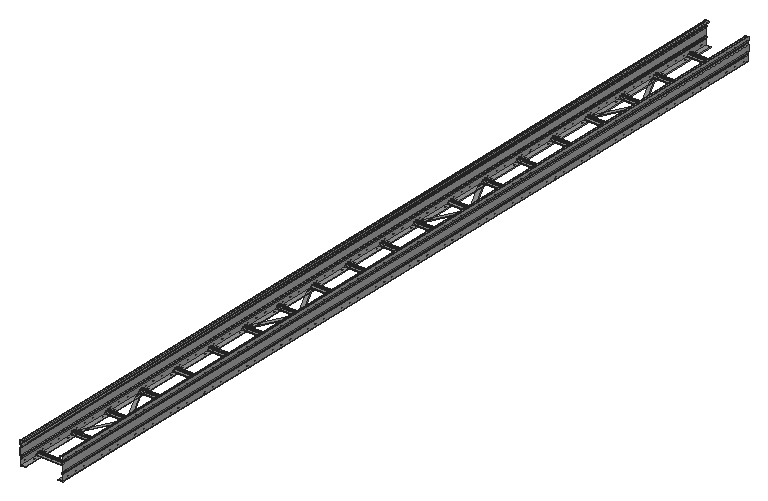
Revit family "W1630 FS, FT, FT SO, A4.28.08", category Generic Models, Revit 2017 (continued)
Forms (mm)
  Extrusion 173, void
    sketch origin (0, 750, 0) x (0, 1, 0) y (0, 0, 1)
      loop
        arc (49.5, 15.5) -> (49.854, 15.646) -> (50, 16) r 0.5
        line (50, 16) -> (50, 24)
        arc (50, 24) -> (49.854, 24.354) -> (49.5, 24.5) r 0.5
    from -148.514 to -146.514
  Extrusion 174, void
    sketch origin (0, 825, 0) x (0, 1, 0) y (0, 0, 1)
      loop
        line (49.5, 24.5) -> (25.5, 24.5)
        arc (25.5, 24.5) -> (25.146, 24.354) -> (25, 24) r 0.5
        line (25, 24) -> (25, 16)
        arc (25, 16) -> (25.146, 15.646) -> (25.5, 15.5) r 0.5
        line (25.5, 15.5) -> (49.5, 15.5)
        arc (49.5, 15.5) -> (49.854, 15.646) -> (50, 16) r 0.5
        line (50, 16) -> (50, 24)
        arc (50, 24) -> (49.854, 24.354) -> (49.5, 24.5) r 0.5
    from -148.514 to -146.514
  Extrusion 175, void
    sketch origin (0, 900, 0) x (0, 1, 0) y (0, 0, 1)
      loop
        line (49.5, 24.5) -> (25.5, 24.5)
        arc (25.5, 24.5) -> (25.146, 24.354) -> (25, 24) r 0.5
        line (25, 24) -> (25, 16)
        arc (25, 16) -> (25.146, 15.646) -> (25.5, 15.5) r 0.5
        line (25.5, 15.5) -> (49.5, 15.5)
        arc (49.5, 15.5) -> (49.854, 15.646) -> (50, 16) r 0.5
        line (50, 16) -> (50, 24)
        arc (50, 24) -> (49.854, 24.354) -> (49.5, 24.5) r 0.5
    from -148.514 to -146.514
  Extrusion 176, void
    sketch origin (0, 975, 0) x (0, 1, 0) y (0, 0, 1)
      loop
        line (49.5, 24.5) -> (25.5, 24.5)
        arc (25.5, 24.5) -> (25.146, 24.354) -> (25, 24) r 0.5
        line (25, 24) -> (25, 16)
        arc (25, 16) -> (25.146, 15.646) -> (25.5, 15.5) r 0.5
        line (25.5, 15.5) -> (49.5, 15.5)
        arc (49.5, 15.5) -> (49.854, 15.646) -> (50, 16) r 0.5
        line (50, 16) -> (50, 24)
        arc (50, 24) -> (49.854, 24.354) -> (49.5, 24.5) r 0.5
    from -148.514 to -146.514
  Extrusion 177, void
    sketch origin (0, 1050, 0) x (0, 1, 0) y (0, 0, 1)
      loop
        line (49.5, 24.5) -> (25.5, 24.5)
        arc (25.5, 24.5) -> (25.146, 24.354) -> (25, 24) r 0.5
        line (25, 24) -> (25, 16)
        arc (25, 16) -> (25.146, 15.646) -> (25.5, 15.5) r 0.5
        line (25.5, 15.5) -> (49.5, 15.5)
        arc (49.5, 15.5) -> (49.854, 15.646) -> (50, 16) r 0.5
        line (50, 16) -> (50, 24)
        arc (50, 24) -> (49.854, 24.354) -> (49.5, 24.5) r 0.5
    from -148.514 to -146.514
  Extrusion 178, void
    sketch origin (0, 1125, 0) x (0, 1, 0) y (0, 0, 1)
      loop
        line (49.5, 24.5) -> (25.5, 24.5)
        arc (25.5, 24.5) -> (25.146, 24.354) -> (25, 24) r 0.5
        line (25, 24) -> (25, 16)
        arc (25, 16) -> (25.146, 15.646) -> (25.5, 15.5) r 0.5
        line (25.5, 15.5) -> (49.5, 15.5)
        arc (49.5, 15.5) -> (49.854, 15.646) -> (50, 16) r 0.5
        line (50, 16) -> (50, 24)
        arc (50, 24) -> (49.854, 24.354) -> (49.5, 24.5) r 0.5
    from -148.514 to -146.514
  Extrusion 179, void
    sketch origin (0, 1200, 0) x (0, 1, 0) y (0, 0, 1)
      loop
        line (49.5, 24.5) -> (25.5, 24.5)
        arc (25.5, 24.5) -> (25.146, 24.354) -> (25, 24) r 0.5
        line (25, 24) -> (25, 16)
        arc (25, 16) -> (25.146, 15.646) -> (25.5, 15.5) r 0.5
        line (25.5, 15.5) -> (49.5, 15.5)
        arc (49.5, 15.5) -> (49.854, 15.646) -> (50, 16) r 0.5
        line (50, 16) -> (50, 24)
        arc (50, 24) -> (49.854, 24.354) -> (49.5, 24.5) r 0.5
    from -148.514 to -146.514
  Extrusion 180, void
    sketch origin (0, 1275, 0) x (0, 1, 0) y (0, 0, 1)
      loop
        line (49.5, 24.5) -> (25.5, 24.5)
        arc (25.5, 24.5) -> (25.146, 24.354) -> (25, 24) r 0.5
        line (25, 24) -> (25, 16)
        arc (25, 16) -> (25.146, 15.646) -> (25.5, 15.5) r 0.5
        line (25.5, 15.5) -> (49.5, 15.5)
        arc (49.5, 15.5) -> (49.854, 15.646) -> (50, 16) r 0.5
        line (50, 16) -> (50, 24)
        arc (50, 24) -> (49.854, 24.354) -> (49.5, 24.5) r 0.5
    from -148.514 to -146.514
  Extrusion 181, void
    sketch origin (0, 1350, 0) x (0, 1, 0) y (0, 0, 1)
      loop
        line (49.5, 24.5) -> (25.5, 24.5)
        arc (25.5, 24.5) -> (25.146, 24.354) -> (25, 24) r 0.5
        line (25, 24) -> (25, 16)
        arc (25, 16) -> (25.146, 15.646) -> (25.5, 15.5) r 0.5
        line (25.5, 15.5) -> (49.5, 15.5)
        arc (49.5, 15.5) -> (49.854, 15.646) -> (50, 16) r 0.5
        line (50, 16) -> (50, 24)
        arc (50, 24) -> (49.854, 24.354) -> (49.5, 24.5) r 0.5
    from -148.514 to -146.514
  Extrusion 182, void
    sketch origin (0, 1425, 0) x (0, 1, 0) y (0, 0, 1)
      loop
        line (49.5, 24.5) -> (25.5, 24.5)
        arc (25.5, 24.5) -> (25.146, 24.354) -> (25, 24) r 0.5
        line (25, 24) -> (25, 16)
        arc (25, 16) -> (25.146, 15.646) -> (25.5, 15.5) r 0.5
        line (25.5, 15.5) -> (49.5, 15.5)
        arc (49.5, 15.5) -> (49.854, 15.646) -> (50, 16) r 0.5
        line (50, 16) -> (50, 24)
        arc (50, 24) -> (49.854, 24.354) -> (49.5, 24.5) r 0.5
    from -148.514 to -146.514
  Extrusion 183, void
    sketch origin (0, 1500, 0) x (0, 1, 0) y (0, 0, 1)
      loop
        line (49.5, 24.5) -> (25.5, 24.5)
        arc (25.5, 24.5) -> (25.146, 24.354) -> (25, 24) r 0.5
        line (25, 24) -> (25, 16)
        arc (25, 16) -> (25.146, 15.646) -> (25.5, 15.5) r 0.5
        line (25.5, 15.5) -> (49.5, 15.5)
        arc (49.5, 15.5) -> (49.854, 15.646) -> (50, 16) r 0.5
        line (50, 16) -> (50, 24)
        arc (50, 24) -> (49.854, 24.354) -> (49.5, 24.5) r 0.5
    from -148.514 to -146.514
  Extrusion 184, void
    sketch origin (0, 1575, 0) x (0, 1, 0) y (0, 0, 1)
      loop
        line (49.5, 24.5) -> (25.5, 24.5)
        arc (25.5, 24.5) -> (25.146, 24.354) -> (25, 24) r 0.5
        line (25, 24) -> (25, 16)
        arc (25, 16) -> (25.146, 15.646) -> (25.5, 15.5) r 0.5
        line (25.5, 15.5) -> (49.5, 15.5)
        arc (49.5, 15.5) -> (49.854, 15.646) -> (50, 16) r 0.5
        line (50, 16) -> (50, 24)
        arc (50, 24) -> (49.854, 24.354) -> (49.5, 24.5) r 0.5
    from -148.514 to -146.514
  Extrusion 185, void
    sketch origin (0, 1650, 0) x (0, 1, 0) y (0, 0, 1)
      loop
        line (49.5, 24.5) -> (25.5, 24.5)
        arc (25.5, 24.5) -> (25.146, 24.354) -> (25, 24) r 0.5
        line (25, 24) -> (25, 16)
        arc (25, 16) -> (25.146, 15.646) -> (25.5, 15.5) r 0.5
        line (25.5, 15.5) -> (49.5, 15.5)
        arc (49.5, 15.5) -> (49.854, 15.646) -> (50, 16) r 0.5
        line (50, 16) -> (50, 24)
        arc (50, 24) -> (49.854, 24.354) -> (49.5, 24.5) r 0.5
    from -148.514 to -146.514
  Extrusion 186, void
    sketch origin (0, 1725, 0) x (0, 1, 0) y (0, 0, 1)
      loop
        line (49.5, 24.5) -> (25.5, 24.5)
        arc (25.5, 24.5) -> (25.146, 24.354) -> (25, 24) r 0.5
        line (25, 24) -> (25, 16)
        arc (25, 16) -> (25.146, 15.646) -> (25.5, 15.5) r 0.5
        line (25.5, 15.5) -> (49.5, 15.5)
        arc (49.5, 15.5) -> (49.854, 15.646) -> (50, 16) r 0.5
        line (50, 16) -> (50, 24)
        arc (50, 24) -> (49.854, 24.354) -> (49.5, 24.5) r 0.5
    from -148.514 to -146.514
  Extrusion 187, void
    sketch origin (0, 1800, 0) x (0, 1, 0) y (0, 0, 1)
      loop
        line (49.5, 24.5) -> (25.5, 24.5)
        arc (25.5, 24.5) -> (25.146, 24.354) -> (25, 24) r 0.5
        line (25, 24) -> (25, 16)
        arc (25, 16) -> (25.146, 15.646) -> (25.5, 15.5) r 0.5
        line (25.5, 15.5) -> (49.5, 15.5)
        arc (49.5, 15.5) -> (49.854, 15.646) -> (50, 16) r 0.5
        line (50, 16) -> (50, 24)
        arc (50, 24) -> (49.854, 24.354) -> (49.5, 24.5) r 0.5
    from -148.514 to -146.514
  Extrusion 188, void
    sketch origin (0, 1875, 0) x (0, 1, 0) y (0, 0, 1)
      loop
        line (49.5, 24.5) -> (25.5, 24.5)
        arc (25.5, 24.5) -> (25.146, 24.354) -> (25, 24) r 0.5
        line (25, 24) -> (25, 16)
        arc (25, 16) -> (25.146, 15.646) -> (25.5, 15.5) r 0.5
        line (25.5, 15.5) -> (49.5, 15.5)
        arc (49.5, 15.5) -> (49.854, 15.646) -> (50, 16) r 0.5
        line (50, 16) -> (50, 24)
        arc (50, 24) -> (49.854, 24.354) -> (49.5, 24.5) r 0.5
    from -148.514 to -146.514
  Extrusion 189, void
    sketch origin (0, 1950, 0) x (0, 1, 0) y (0, 0, 1)
      loop
        line (49.5, 24.5) -> (25.5, 24.5)
        arc (25.5, 24.5) -> (25.146, 24.354) -> (25, 24) r 0.5
        line (25, 24) -> (25, 16)
        arc (25, 16) -> (25.146, 15.646) -> (25.5, 15.5) r 0.5
        line (25.5, 15.5) -> (49.5, 15.5)
        arc (49.5, 15.5) -> (49.854, 15.646) -> (50, 16) r 0.5
        line (50, 16) -> (50, 24)
        arc (50, 24) -> (49.854, 24.354) -> (49.5, 24.5) r 0.5
    from -148.514 to -146.514
  Extrusion 190, void
    sketch origin (0, 2025, 0) x (0, 1, 0) y (0, 0, 1)
      loop
        line (49.5, 24.5) -> (25.5, 24.5)
        arc (25.5, 24.5) -> (25.146, 24.354) -> (25, 24) r 0.5
        line (25, 24) -> (25, 16)
        arc (25, 16) -> (25.146, 15.646) -> (25.5, 15.5) r 0.5
        line (25.5, 15.5) -> (49.5, 15.5)
        arc (49.5, 15.5) -> (49.854, 15.646) -> (50, 16) r 0.5
        line (50, 16) -> (50, 24)
        arc (50, 24) -> (49.854, 24.354) -> (49.5, 24.5) r 0.5
    from -148.514 to -146.514
  Extrusion 191, void
    sketch origin (0, 2100, 0) x (0, 1, 0) y (0, 0, 1)
      loop
        line (49.5, 24.5) -> (25.5, 24.5)
        arc (25.5, 24.5) -> (25.146, 24.354) -> (25, 24) r 0.5
        line (25, 24) -> (25, 16)
        arc (25, 16) -> (25.146, 15.646) -> (25.5, 15.5) r 0.5
        line (25.5, 15.5) -> (49.5, 15.5)
        arc (49.5, 15.5) -> (49.854, 15.646) -> (50, 16) r 0.5
        line (50, 16) -> (50, 24)
        arc (50, 24) -> (49.854, 24.354) -> (49.5, 24.5) r 0.5
    from -148.514 to -146.514
  Extrusion 192, void
    sketch origin (0, 2175, 0) x (0, 1, 0) y (0, 0, 1)
      loop
        line (49.5, 24.5) -> (25.5, 24.5)
        arc (25.5, 24.5) -> (25.146, 24.354) -> (25, 24) r 0.5
        line (25, 24) -> (25, 16)
        arc (25, 16) -> (25.146, 15.646) -> (25.5, 15.5) r 0.5
        line (25.5, 15.5) -> (49.5, 15.5)
        arc (49.5, 15.5) -> (49.854, 15.646) -> (50, 16) r 0.5
        line (50, 16) -> (50, 24)
        arc (50, 24) -> (49.854, 24.354) -> (49.5, 24.5) r 0.5
    from -148.514 to -146.514
  Extrusion 193, void
    sketch origin (0, 2250, 0) x (0, 1, 0) y (0, 0, 1)
      loop
        line (49.5, 24.5) -> (25.5, 24.5)
        arc (25.5, 24.5) -> (25.146, 24.354) -> (25, 24) r 0.5
        line (25, 24) -> (25, 16)
        arc (25, 16) -> (25.146, 15.646) -> (25.5, 15.5) r 0.5
        line (25.5, 15.5) -> (49.5, 15.5)
        arc (49.5, 15.5) -> (49.854, 15.646) -> (50, 16) r 0.5
        line (50, 16) -> (50, 24)
        arc (50, 24) -> (49.854, 24.354) -> (49.5, 24.5) r 0.5
    from -148.514 to -146.514
  Extrusion 194, void
    sketch origin (0, 2325, 0) x (0, 1, 0) y (0, 0, 1)
      loop
        line (49.5, 24.5) -> (25.5, 24.5)
        arc (25.5, 24.5) -> (25.146, 24.354) -> (25, 24) r 0.5
        line (25, 24) -> (25, 16)
        arc (25, 16) -> (25.146, 15.646) -> (25.5, 15.5) r 0.5
        line (25.5, 15.5) -> (49.5, 15.5)
        arc (49.5, 15.5) -> (49.854, 15.646) -> (50, 16) r 0.5
        line (50, 16) -> (50, 24)
        arc (50, 24) -> (49.854, 24.354) -> (49.5, 24.5) r 0.5
    from -148.514 to -146.514
  Extrusion 195, void
    sketch origin (0, 2400, 0) x (0, 1, 0) y (0, 0, 1)
      loop
        line (49.5, 24.5) -> (25.5, 24.5)
        arc (25.5, 24.5) -> (25.146, 24.354) -> (25, 24) r 0.5
        line (25, 24) -> (25, 16)
        arc (25, 16) -> (25.146, 15.646) -> (25.5, 15.5) r 0.5
        line (25.5, 15.5) -> (49.5, 15.5)
        arc (49.5, 15.5) -> (49.854, 15.646) -> (50, 16) r 0.5
        line (50, 16) -> (50, 24)
        arc (50, 24) -> (49.854, 24.354) -> (49.5, 24.5) r 0.5
    from -148.514 to -146.514
  Extrusion 196, void
    sketch origin (0, 2475, 0) x (0, 1, 0) y (0, 0, 1)
      loop
        line (49.5, 24.5) -> (25.5, 24.5)
        arc (25.5, 24.5) -> (25.146, 24.354) -> (25, 24) r 0.5
        line (25, 24) -> (25, 16)
        arc (25, 16) -> (25.146, 15.646) -> (25.5, 15.5) r 0.5
        line (25.5, 15.5) -> (49.5, 15.5)
        arc (49.5, 15.5) -> (49.854, 15.646) -> (50, 16) r 0.5
        line (50, 16) -> (50, 24)
        arc (50, 24) -> (49.854, 24.354) -> (49.5, 24.5) r 0.5
    from -148.514 to -146.514
  Extrusion 197, void
    sketch origin (0, 2550, 0) x (0, 1, 0) y (0, 0, 1)
      loop
        line (49.5, 24.5) -> (25.5, 24.5)
        arc (25.5, 24.5) -> (25.146, 24.354) -> (25, 24) r 0.5
        line (25, 24) -> (25, 16)
        arc (25, 16) -> (25.146, 15.646) -> (25.5, 15.5) r 0.5
        line (25.5, 15.5) -> (49.5, 15.5)
        arc (49.5, 15.5) -> (49.854, 15.646) -> (50, 16) r 0.5
        line (50, 16) -> (50, 24)
        arc (50, 24) -> (49.854, 24.354) -> (49.5, 24.5) r 0.5
    from -148.514 to -146.514
  Extrusion 198, void
    sketch origin (0, 2625, 0) x (0, 1, 0) y (0, 0, 1)
      loop
        line (49.5, 24.5) -> (25.5, 24.5)
        arc (25.5, 24.5) -> (25.146, 24.354) -> (25, 24) r 0.5
        line (25, 24) -> (25, 16)
        arc (25, 16) -> (25.146, 15.646) -> (25.5, 15.5) r 0.5
        line (25.5, 15.5) -> (49.5, 15.5)
        arc (49.5, 15.5) -> (49.854, 15.646) -> (50, 16) r 0.5
        line (50, 16) -> (50, 24)
        arc (50, 24) -> (49.854, 24.354) -> (49.5, 24.5) r 0.5
    from -148.514 to -146.514
  Extrusion 199, void
    sketch origin (0, 2700, 0) x (0, 1, 0) y (0, 0, 1)
      loop
        line (49.5, 24.5) -> (25.5, 24.5)
        arc (25.5, 24.5) -> (25.146, 24.354) -> (25, 24) r 0.5
        line (25, 24) -> (25, 16)
        arc (25, 16) -> (25.146, 15.646) -> (25.5, 15.5) r 0.5
        line (25.5, 15.5) -> (49.5, 15.5)
        arc (49.5, 15.5) -> (49.854, 15.646) -> (50, 16) r 0.5
        line (50, 16) -> (50, 24)
        arc (50, 24) -> (49.854, 24.354) -> (49.5, 24.5) r 0.5
    from -148.514 to -146.514
  Extrusion 200, void
    sketch origin (0, 2775, 0) x (0, 1, 0) y (0, 0, 1)
      loop
        line (49.5, 24.5) -> (25.5, 24.5)
        arc (25.5, 24.5) -> (25.146, 24.354) -> (25, 24) r 0.5
        line (25, 24) -> (25, 16)
        arc (25, 16) -> (25.146, 15.646) -> (25.5, 15.5) r 0.5
        line (25.5, 15.5) -> (49.5, 15.5)
        arc (49.5, 15.5) -> (49.854, 15.646) -> (50, 16) r 0.5
        line (50, 16) -> (50, 24)
        arc (50, 24) -> (49.854, 24.354) -> (49.5, 24.5) r 0.5
    from -148.514 to -146.514
  Extrusion 201, void
    sketch origin (0, 2850, 0) x (0, 1, 0) y (0, 0, 1)
      loop
        line (49.5, 24.5) -> (25.5, 24.5)
        arc (25.5, 24.5) -> (25.146, 24.354) -> (25, 24) r 0.5
        line (25, 24) -> (25, 16)
        arc (25, 16) -> (25.146, 15.646) -> (25.5, 15.5) r 0.5
        line (25.5, 15.5) -> (49.5, 15.5)
        arc (49.5, 15.5) -> (49.854, 15.646) -> (50, 16) r 0.5
        line (50, 16) -> (50, 24)
        arc (50, 24) -> (49.854, 24.354) -> (49.5, 24.5) r 0.5
    from -148.514 to -146.514
  Extrusion 202, void
    sketch origin (0, 2925, 0) x (0, 1, 0) y (0, 0, 1)
      loop
        line (49.5, 24.5) -> (25.5, 24.5)
        arc (25.5, 24.5) -> (25.146, 24.354) -> (25, 24) r 0.5
        line (25, 24) -> (25, 16)
        arc (25, 16) -> (25.146, 15.646) -> (25.5, 15.5) r 0.5
        line (25.5, 15.5) -> (49.5, 15.5)
        arc (49.5, 15.5) -> (49.854, 15.646) -> (50, 16) r 0.5
        line (50, 16) -> (50, 24)
        arc (50, 24) -> (49.854, 24.354) -> (49.5, 24.5) r 0.5
    from -148.514 to -146.514
  Extrusion 203, void
    sketch origin (0, 3000, 0) x (0, 1, 0) y (0, 0, 1)
      loop
        line (49.5, 24.5) -> (25.5, 24.5)
        arc (25.5, 24.5) -> (25.146, 24.354) -> (25, 24) r 0.5
        line (25, 24) -> (25, 16)
        arc (25, 16) -> (25.146, 15.646) -> (25.5, 15.5) r 0.5
        line (25.5, 15.5) -> (49.5, 15.5)
        arc (49.5, 15.5) -> (49.854, 15.646) -> (50, 16) r 0.5
        line (50, 16) -> (50, 24)
        arc (50, 24) -> (49.854, 24.354) -> (49.5, 24.5) r 0.5
    from -148.514 to -146.514
  Extrusion 204, void
    sketch origin (0, 3075, 0) x (0, 1, 0) y (0, 0, 1)
      loop
        line (49.5, 24.5) -> (25.5, 24.5)
        arc (25.5, 24.5) -> (25.146, 24.354) -> (25, 24) r 0.5
        line (25, 24) -> (25, 16)
        arc (25, 16) -> (25.146, 15.646) -> (25.5, 15.5) r 0.5
        line (25.5, 15.5) -> (49.5, 15.5)
        arc (49.5, 15.5) -> (49.854, 15.646) -> (50, 16) r 0.5
        line (50, 16) -> (50, 24)
        arc (50, 24) -> (49.854, 24.354) -> (49.5, 24.5) r 0.5
    from -148.514 to -146.514
  Extrusion 205, void
    sketch origin (0, 3150, 0) x (0, 1, 0) y (0, 0, 1)
      loop
        line (49.5, 24.5) -> (25.5, 24.5)
        arc (25.5, 24.5) -> (25.146, 24.354) -> (25, 24) r 0.5
        line (25, 24) -> (25, 16)
        arc (25, 16) -> (25.146, 15.646) -> (25.5, 15.5) r 0.5
        line (25.5, 15.5) -> (49.5, 15.5)
        arc (49.5, 15.5) -> (49.854, 15.646) -> (50, 16) r 0.5
        line (50, 16) -> (50, 24)
        arc (50, 24) -> (49.854, 24.354) -> (49.5, 24.5) r 0.5
    from -148.514 to -146.514
  Extrusion 206, void
    sketch origin (0, 3225, 0) x (0, 1, 0) y (0, 0, 1)
      loop
        line (49.5, 24.5) -> (25.5, 24.5)
        arc (25.5, 24.5) -> (25.146, 24.354) -> (25, 24) r 0.5
        line (25, 24) -> (25, 16)
        arc (25, 16) -> (25.146, 15.646) -> (25.5, 15.5) r 0.5
        line (25.5, 15.5) -> (49.5, 15.5)
        arc (49.5, 15.5) -> (49.854, 15.646) -> (50, 16) r 0.5
        line (50, 16) -> (50, 24)
        arc (50, 24) -> (49.854, 24.354) -> (49.5, 24.5) r 0.5
    from -148.514 to -146.514
  Extrusion 207, void
    sketch origin (0, 3300, 0) x (0, 1, 0) y (0, 0, 1)
      loop
        line (49.5, 24.5) -> (25.5, 24.5)
        arc (25.5, 24.5) -> (25.146, 24.354) -> (25, 24) r 0.5
        line (25, 24) -> (25, 16)
        arc (25, 16) -> (25.146, 15.646) -> (25.5, 15.5) r 0.5
        line (25.5, 15.5) -> (49.5, 15.5)
        arc (49.5, 15.5) -> (49.854, 15.646) -> (50, 16) r 0.5
        line (50, 16) -> (50, 24)
        arc (50, 24) -> (49.854, 24.354) -> (49.5, 24.5) r 0.5
    from -148.514 to -146.514
  Extrusion 208, void
    sketch origin (0, 3375, 0) x (0, 1, 0) y (0, 0, 1)
      loop
        line (49.5, 24.5) -> (25.5, 24.5)
        arc (25.5, 24.5) -> (25.146, 24.354) -> (25, 24) r 0.5
        line (25, 24) -> (25, 16)
        arc (25, 16) -> (25.146, 15.646) -> (25.5, 15.5) r 0.5
        line (25.5, 15.5) -> (49.5, 15.5)
        arc (49.5, 15.5) -> (49.854, 15.646) -> (50, 16) r 0.5
        line (50, 16) -> (50, 24)
        arc (50, 24) -> (49.854, 24.354) -> (49.5, 24.5) r 0.5
    from -148.514 to -146.514
  Extrusion 209, void
    sketch origin (0, 3450, 0) x (0, 1, 0) y (0, 0, 1)
      loop
        line (49.5, 24.5) -> (25.5, 24.5)
        arc (25.5, 24.5) -> (25.146, 24.354) -> (25, 24) r 0.5
        line (25, 24) -> (25, 16)
        arc (25, 16) -> (25.146, 15.646) -> (25.5, 15.5) r 0.5
        line (25.5, 15.5) -> (49.5, 15.5)
        arc (49.5, 15.5) -> (49.854, 15.646) -> (50, 16) r 0.5
        line (50, 16) -> (50, 24)
        arc (50, 24) -> (49.854, 24.354) -> (49.5, 24.5) r 0.5
    from -148.514 to -146.514
  Extrusion 210, void
    sketch origin (0, 3525, 0) x (0, 1, 0) y (0, 0, 1)
      loop
        line (49.5, 24.5) -> (25.5, 24.5)
        arc (25.5, 24.5) -> (25.146, 24.354) -> (25, 24) r 0.5
        line (25, 24) -> (25, 16)
        arc (25, 16) -> (25.146, 15.646) -> (25.5, 15.5) r 0.5
        line (25.5, 15.5) -> (49.5, 15.5)
        arc (49.5, 15.5) -> (49.854, 15.646) -> (50, 16) r 0.5
        line (50, 16) -> (50, 24)
        arc (50, 24) -> (49.854, 24.354) -> (49.5, 24.5) r 0.5
    from -148.514 to -146.514
  Extrusion 211, void
    sketch origin (0, 3600, 0) x (0, 1, 0) y (0, 0, 1)
      loop
        line (49.5, 24.5) -> (25.5, 24.5)
        arc (25.5, 24.5) -> (25.146, 24.354) -> (25, 24) r 0.5
        line (25, 24) -> (25, 16)
        arc (25, 16) -> (25.146, 15.646) -> (25.5, 15.5) r 0.5
        line (25.5, 15.5) -> (49.5, 15.5)
        arc (49.5, 15.5) -> (49.854, 15.646) -> (50, 16) r 0.5
        line (50, 16) -> (50, 24)
        arc (50, 24) -> (49.854, 24.354) -> (49.5, 24.5) r 0.5
    from -148.514 to -146.514
  Extrusion 212, void
    sketch origin (0, 3675, 0) x (0, 1, 0) y (0, 0, 1)
      loop
        line (49.5, 24.5) -> (25.5, 24.5)
        arc (25.5, 24.5) -> (25.146, 24.354) -> (25, 24) r 0.5
        line (25, 24) -> (25, 16)
        arc (25, 16) -> (25.146, 15.646) -> (25.5, 15.5) r 0.5
        line (25.5, 15.5) -> (49.5, 15.5)
        arc (49.5, 15.5) -> (49.854, 15.646) -> (50, 16) r 0.5
        line (50, 16) -> (50, 24)
        arc (50, 24) -> (49.854, 24.354) -> (49.5, 24.5) r 0.5
    from -148.514 to -146.514
  Extrusion 213, void
    sketch origin (0, 3750, 0) x (0, 1, 0) y (0, 0, 1)
      loop
        line (49.5, 24.5) -> (25.5, 24.5)
        arc (25.5, 24.5) -> (25.146, 24.354) -> (25, 24) r 0.5
        line (25, 24) -> (25, 16)
        arc (25, 16) -> (25.146, 15.646) -> (25.5, 15.5) r 0.5
        line (25.5, 15.5) -> (49.5, 15.5)
        arc (49.5, 15.5) -> (49.854, 15.646) -> (50, 16) r 0.5
        line (50, 16) -> (50, 24)
        arc (50, 24) -> (49.854, 24.354) -> (49.5, 24.5) r 0.5
    from -148.514 to -146.514
  Extrusion 214, void
    sketch origin (0, 3825, 0) x (0, 1, 0) y (0, 0, 1)
      loop
        line (49.5, 24.5) -> (25.5, 24.5)
        arc (25.5, 24.5) -> (25.146, 24.354) -> (25, 24) r 0.5
        line (25, 24) -> (25, 16)
        arc (25, 16) -> (25.146, 15.646) -> (25.5, 15.5) r 0.5
        line (25.5, 15.5) -> (49.5, 15.5)
        arc (49.5, 15.5) -> (49.854, 15.646) -> (50, 16) r 0.5
        line (50, 16) -> (50, 24)
        arc (50, 24) -> (49.854, 24.354) -> (49.5, 24.5) r 0.5
    from -148.514 to -146.514
  Extrusion 215, void
    sketch origin (0, 3900, 0) x (0, 1, 0) y (0, 0, 1)
      loop
        line (49.5, 24.5) -> (25.5, 24.5)
        arc (25.5, 24.5) -> (25.146, 24.354) -> (25, 24) r 0.5
        line (25, 24) -> (25, 16)
        arc (25, 16) -> (25.146, 15.646) -> (25.5, 15.5) r 0.5
        line (25.5, 15.5) -> (49.5, 15.5)
        arc (49.5, 15.5) -> (49.854, 15.646) -> (50, 16) r 0.5
        line (50, 16) -> (50, 24)
        arc (50, 24) -> (49.854, 24.354) -> (49.5, 24.5) r 0.5
    from -148.514 to -146.514
  Extrusion 216, void
    sketch origin (0, 3975, 0) x (0, 1, 0) y (0, 0, 1)
      loop
        line (49.5, 24.5) -> (25.5, 24.5)
        arc (25.5, 24.5) -> (25.146, 24.354) -> (25, 24) r 0.5
        line (25, 24) -> (25, 16)
        arc (25, 16) -> (25.146, 15.646) -> (25.5, 15.5) r 0.5
        line (25.5, 15.5) -> (49.5, 15.5)
        arc (49.5, 15.5) -> (49.854, 15.646) -> (50, 16) r 0.5
        line (50, 16) -> (50, 24)
        arc (50, 24) -> (49.854, 24.354) -> (49.5, 24.5) r 0.5
    from -148.514 to -146.514
  Extrusion 217, void
    sketch origin (0, 4050, 0) x (0, 1, 0) y (0, 0, 1)
      loop
        line (49.5, 24.5) -> (25.5, 24.5)
        arc (25.5, 24.5) -> (25.146, 24.354) -> (25, 24) r 0.5
        line (25, 24) -> (25, 16)
        arc (25, 16) -> (25.146, 15.646) -> (25.5, 15.5) r 0.5
        line (25.5, 15.5) -> (49.5, 15.5)
        arc (49.5, 15.5) -> (49.854, 15.646) -> (50, 16) r 0.5
        line (50, 16) -> (50, 24)
        arc (50, 24) -> (49.854, 24.354) -> (49.5, 24.5) r 0.5
    from -148.514 to -146.514
  Extrusion 218, void
    sketch origin (0, 4125, 0) x (0, 1, 0) y (0, 0, 1)
      loop
        line (49.5, 24.5) -> (25.5, 24.5)
        arc (25.5, 24.5) -> (25.146, 24.354) -> (25, 24) r 0.5
        line (25, 24) -> (25, 16)
        arc (25, 16) -> (25.146, 15.646) -> (25.5, 15.5) r 0.5
        line (25.5, 15.5) -> (49.5, 15.5)
        arc (49.5, 15.5) -> (49.854, 15.646) -> (50, 16) r 0.5
        line (50, 16) -> (50, 24)
        arc (50, 24) -> (49.854, 24.354) -> (49.5, 24.5) r 0.5
    from -148.514 to -146.514
  Extrusion 219, void
    sketch origin (0, 4200, 0) x (0, 1, 0) y (0, 0, 1)
      loop
        line (49.5, 24.5) -> (25.5, 24.5)
        arc (25.5, 24.5) -> (25.146, 24.354) -> (25, 24) r 0.5
        line (25, 24) -> (25, 16)
        arc (25, 16) -> (25.146, 15.646) -> (25.5, 15.5) r 0.5
        line (25.5, 15.5) -> (49.5, 15.5)
        arc (49.5, 15.5) -> (49.854, 15.646) -> (50, 16) r 0.5
        line (50, 16) -> (50, 24)
        arc (50, 24) -> (49.854, 24.354) -> (49.5, 24.5) r 0.5
    from -148.514 to -146.514
  Extrusion 220, void
    sketch origin (0, 4275, 0) x (0, 1, 0) y (0, 0, 1)
      loop
        line (49.5, 24.5) -> (25.5, 24.5)
        arc (25.5, 24.5) -> (25.146, 24.354) -> (25, 24) r 0.5
        line (25, 24) -> (25, 16)
        arc (25, 16) -> (25.146, 15.646) -> (25.5, 15.5) r 0.5
        line (25.5, 15.5) -> (49.5, 15.5)
        arc (49.5, 15.5) -> (49.854, 15.646) -> (50, 16) r 0.5
        line (50, 16) -> (50, 24)
        arc (50, 24) -> (49.854, 24.354) -> (49.5, 24.5) r 0.5
    from -148.514 to -146.514
  Extrusion 221, void
    sketch origin (0, 4350, 0) x (0, 1, 0) y (0, 0, 1)
      loop
        line (49.5, 24.5) -> (25.5, 24.5)
        arc (25.5, 24.5) -> (25.146, 24.354) -> (25, 24) r 0.5
        line (25, 24) -> (25, 16)
        arc (25, 16) -> (25.146, 15.646) -> (25.5, 15.5) r 0.5
        line (25.5, 15.5) -> (49.5, 15.5)
        arc (49.5, 15.5) -> (49.854, 15.646) -> (50, 16) r 0.5
        line (50, 16) -> (50, 24)
        arc (50, 24) -> (49.854, 24.354) -> (49.5, 24.5) r 0.5
    from -148.514 to -146.514
  Extrusion 222, void
    sketch origin (0, 4425, 0) x (0, 1, 0) y (0, 0, 1)
      loop
        line (49.5, 24.5) -> (25.5, 24.5)
        arc (25.5, 24.5) -> (25.146, 24.354) -> (25, 24) r 0.5
        line (25, 24) -> (25, 16)
        arc (25, 16) -> (25.146, 15.646) -> (25.5, 15.5) r 0.5
        line (25.5, 15.5) -> (49.5, 15.5)
        arc (49.5, 15.5) -> (49.854, 15.646) -> (50, 16) r 0.5
        line (50, 16) -> (50, 24)
        arc (50, 24) -> (49.854, 24.354) -> (49.5, 24.5) r 0.5
    from -148.514 to -146.514
  Extrusion 223, void
    sketch origin (0, 4500, 0) x (0, 1, 0) y (0, 0, 1)
      loop
        line (49.5, 24.5) -> (25.5, 24.5)
        arc (25.5, 24.5) -> (25.146, 24.354) -> (25, 24) r 0.5
        line (25, 24) -> (25, 16)
        arc (25, 16) -> (25.146, 15.646) -> (25.5, 15.5) r 0.5
        line (25.5, 15.5) -> (49.5, 15.5)
        arc (49.5, 15.5) -> (49.854, 15.646) -> (50, 16) r 0.5
        line (50, 16) -> (50, 24)
        arc (50, 24) -> (49.854, 24.354) -> (49.5, 24.5) r 0.5
    from -148.514 to -146.514
  Extrusion 224, void
    sketch origin (0, 4575, 0) x (0, 1, 0) y (0, 0, 1)
      loop
        line (49.5, 24.5) -> (25.5, 24.5)
        arc (25.5, 24.5) -> (25.146, 24.354) -> (25, 24) r 0.5
        line (25, 24) -> (25, 16)
        arc (25, 16) -> (25.146, 15.646) -> (25.5, 15.5) r 0.5
        line (25.5, 15.5) -> (49.5, 15.5)
        arc (49.5, 15.5) -> (49.854, 15.646) -> (50, 16) r 0.5
        line (50, 16) -> (50, 24)
        arc (50, 24) -> (49.854, 24.354) -> (49.5, 24.5) r 0.5
    from -148.514 to -146.514
  Extrusion 225, void
    sketch origin (0, 4650, 0) x (0, 1, 0) y (0, 0, 1)
      loop
        line (49.5, 24.5) -> (25.5, 24.5)
        arc (25.5, 24.5) -> (25.146, 24.354) -> (25, 24) r 0.5
        line (25, 24) -> (25, 16)
        arc (25, 16) -> (25.146, 15.646) -> (25.5, 15.5) r 0.5
        line (25.5, 15.5) -> (49.5, 15.5)
        arc (49.5, 15.5) -> (49.854, 15.646) -> (50, 16) r 0.5
        line (50, 16) -> (50, 24)
        arc (50, 24) -> (49.854, 24.354) -> (49.5, 24.5) r 0.5
    from -148.514 to -146.514
  Extrusion 226, void
    sketch origin (0, 4725, 0) x (0, 1, 0) y (0, 0, 1)
      loop
        line (49.5, 24.5) -> (25.5, 24.5)
        arc (25.5, 24.5) -> (25.146, 24.354) -> (25, 24) r 0.5
        line (25, 24) -> (25, 16)
        arc (25, 16) -> (25.146, 15.646) -> (25.5, 15.5) r 0.5
        line (25.5, 15.5) -> (49.5, 15.5)
        arc (49.5, 15.5) -> (49.854, 15.646) -> (50, 16) r 0.5
        line (50, 16) -> (50, 24)
        arc (50, 24) -> (49.854, 24.354) -> (49.5, 24.5) r 0.5
    from -148.514 to -146.514
  Extrusion 227, void
    sketch origin (0, 4800, 0) x (0, 1, 0) y (0, 0, 1)
      loop
        line (49.5, 24.5) -> (25.5, 24.5)
        arc (25.5, 24.5) -> (25.146, 24.354) -> (25, 24) r 0.5
        line (25, 24) -> (25, 16)
        arc (25, 16) -> (25.146, 15.646) -> (25.5, 15.5) r 0.5
        line (25.5, 15.5) -> (49.5, 15.5)
        arc (49.5, 15.5) -> (49.854, 15.646) -> (50, 16) r 0.5
        line (50, 16) -> (50, 24)
        arc (50, 24) -> (49.854, 24.354) -> (49.5, 24.5) r 0.5
    from -148.514 to -146.514
  Extrusion 228, void
    sketch origin (0, 4875, 0) x (0, 1, 0) y (0, 0, 1)
      loop
        line (49.5, 24.5) -> (25.5, 24.5)
        arc (25.5, 24.5) -> (25.146, 24.354) -> (25, 24) r 0.5
        line (25, 24) -> (25, 16)
        arc (25, 16) -> (25.146, 15.646) -> (25.5, 15.5) r 0.5
        line (25.5, 15.5) -> (49.5, 15.5)
        arc (49.5, 15.5) -> (49.854, 15.646) -> (50, 16) r 0.5
        line (50, 16) -> (50, 24)
        arc (50, 24) -> (49.854, 24.354) -> (49.5, 24.5) r 0.5
    from -148.514 to -146.514
  Extrusion 229, void
    sketch origin (0, 4950, 0) x (0, 1, 0) y (0, 0, 1)
      loop
        line (49.5, 24.5) -> (25.5, 24.5)
        arc (25.5, 24.5) -> (25.146, 24.354) -> (25, 24) r 0.5
        line (25, 24) -> (25, 16)
        arc (25, 16) -> (25.146, 15.646) -> (25.5, 15.5) r 0.5
        line (25.5, 15.5) -> (49.5, 15.5)
        arc (49.5, 15.5) -> (49.854, 15.646) -> (50, 16) r 0.5
        line (50, 16) -> (50, 24)
        arc (50, 24) -> (49.854, 24.354) -> (49.5, 24.5) r 0.5
    from -148.514 to -146.514
  Extrusion 230, void
    sketch origin (0, 5025, 0) x (0, 1, 0) y (0, 0, 1)
      loop
        line (49.5, 24.5) -> (25.5, 24.5)
        arc (25.5, 24.5) -> (25.146, 24.354) -> (25, 24) r 0.5
        line (25, 24) -> (25, 16)
        arc (25, 16) -> (25.146, 15.646) -> (25.5, 15.5) r 0.5
        line (25.5, 15.5) -> (49.5, 15.5)
        arc (49.5, 15.5) -> (49.854, 15.646) -> (50, 16) r 0.5
        line (50, 16) -> (50, 24)
        arc (50, 24) -> (49.854, 24.354) -> (49.5, 24.5) r 0.5
    from -148.514 to -146.514
  Extrusion 231, void
    sketch origin (0, 5100, 0) x (0, 1, 0) y (0, 0, 1)
      loop
        line (49.5, 24.5) -> (25.5, 24.5)
        arc (25.5, 24.5) -> (25.146, 24.354) -> (25, 24) r 0.5
        line (25, 24) -> (25, 16)
        arc (25, 16) -> (25.146, 15.646) -> (25.5, 15.5) r 0.5
        line (25.5, 15.5) -> (49.5, 15.5)
        arc (49.5, 15.5) -> (49.854, 15.646) -> (50, 16) r 0.5
        line (50, 16) -> (50, 24)
        arc (50, 24) -> (49.854, 24.354) -> (49.5, 24.5) r 0.5
    from -148.514 to -146.514
  Extrusion 232, void
    sketch origin (0, 5175, 0) x (0, 1, 0) y (0, 0, 1)
      loop
        line (49.5, 24.5) -> (25.5, 24.5)
        arc (25.5, 24.5) -> (25.146, 24.354) -> (25, 24) r 0.5
        line (25, 24) -> (25, 16)
        arc (25, 16) -> (25.146, 15.646) -> (25.5, 15.5) r 0.5
        line (25.5, 15.5) -> (49.5, 15.5)
        arc (49.5, 15.5) -> (49.854, 15.646) -> (50, 16) r 0.5
        line (50, 16) -> (50, 24)
        arc (50, 24) -> (49.854, 24.354) -> (49.5, 24.5) r 0.5
    from -148.514 to -146.514
  Extrusion 233, void
    sketch origin (0, 5250, 0) x (0, 1, 0) y (0, 0, 1)
      loop
        line (49.5, 24.5) -> (25.5, 24.5)
        arc (25.5, 24.5) -> (25.146, 24.354) -> (25, 24) r 0.5
        line (25, 24) -> (25, 16)
        arc (25, 16) -> (25.146, 15.646) -> (25.5, 15.5) r 0.5
        line (25.5, 15.5) -> (49.5, 15.5)
        arc (49.5, 15.5) -> (49.854, 15.646) -> (50, 16) r 0.5
        line (50, 16) -> (50, 24)
        arc (50, 24) -> (49.854, 24.354) -> (49.5, 24.5) r 0.5
    from -148.514 to -146.514
  Extrusion 234, void
    sketch origin (0, 5325, 0) x (0, 1, 0) y (0, 0, 1)
      loop
        line (49.5, 24.5) -> (25.5, 24.5)
        arc (25.5, 24.5) -> (25.146, 24.354) -> (25, 24) r 0.5
        line (25, 24) -> (25, 16)
        arc (25, 16) -> (25.146, 15.646) -> (25.5, 15.5) r 0.5
        line (25.5, 15.5) -> (49.5, 15.5)
        arc (49.5, 15.5) -> (49.854, 15.646) -> (50, 16) r 0.5
        line (50, 16) -> (50, 24)
        arc (50, 24) -> (49.854, 24.354) -> (49.5, 24.5) r 0.5
    from -148.514 to -146.514
  Extrusion 235, void
    sketch origin (0, 5400, 0) x (0, 1, 0) y (0, 0, 1)
      loop
        line (49.5, 24.5) -> (25.5, 24.5)
        arc (25.5, 24.5) -> (25.146, 24.354) -> (25, 24) r 0.5
        line (25, 24) -> (25, 16)
        arc (25, 16) -> (25.146, 15.646) -> (25.5, 15.5) r 0.5
        line (25.5, 15.5) -> (49.5, 15.5)
        arc (49.5, 15.5) -> (49.854, 15.646) -> (50, 16) r 0.5
        line (50, 16) -> (50, 24)
        arc (50, 24) -> (49.854, 24.354) -> (49.5, 24.5) r 0.5
    from -148.514 to -146.514
  Extrusion 236, void
    sketch origin (0, 5475, 0) x (0, 1, 0) y (0, 0, 1)
      loop
        line (49.5, 24.5) -> (25.5, 24.5)
        arc (25.5, 24.5) -> (25.146, 24.354) -> (25, 24) r 0.5
        line (25, 24) -> (25, 16)
        arc (25, 16) -> (25.146, 15.646) -> (25.5, 15.5) r 0.5
        line (25.5, 15.5) -> (49.5, 15.5)
        arc (49.5, 15.5) -> (49.854, 15.646) -> (50, 16) r 0.5
        line (50, 16) -> (50, 24)
        arc (50, 24) -> (49.854, 24.354) -> (49.5, 24.5) r 0.5
    from -148.514 to -146.514
  Extrusion 237, void
    sketch origin (0, 5550, 0) x (0, 1, 0) y (0, 0, 1)
      loop
        line (49.5, 24.5) -> (25.5, 24.5)
        arc (25.5, 24.5) -> (25.146, 24.354) -> (25, 24) r 0.5
        line (25, 24) -> (25, 16)
        arc (25, 16) -> (25.146, 15.646) -> (25.5, 15.5) r 0.5
        line (25.5, 15.5) -> (49.5, 15.5)
        arc (49.5, 15.5) -> (49.854, 15.646) -> (50, 16) r 0.5
        line (50, 16) -> (50, 24)
        arc (50, 24) -> (49.854, 24.354) -> (49.5, 24.5) r 0.5
    from -148.514 to -146.514
  Extrusion 238, void
    sketch origin (0, 5625, 0) x (0, 1, 0) y (0, 0, 1)
      loop
        line (49.5, 24.5) -> (25.5, 24.5)
        arc (25.5, 24.5) -> (25.146, 24.354) -> (25, 24) r 0.5
        line (25, 24) -> (25, 16)
        arc (25, 16) -> (25.146, 15.646) -> (25.5, 15.5) r 0.5
        line (25.5, 15.5) -> (49.5, 15.5)
        arc (49.5, 15.5) -> (49.854, 15.646) -> (50, 16) r 0.5
        line (50, 16) -> (50, 24)
        arc (50, 24) -> (49.854, 24.354) -> (49.5, 24.5) r 0.5
    from -148.514 to -146.514
  Extrusion 239, void
    sketch origin (0, 5700, 0) x (0, 1, 0) y (0, 0, 1)
      loop
        line (49.5, 24.5) -> (25.5, 24.5)
        arc (25.5, 24.5) -> (25.146, 24.354) -> (25, 24) r 0.5
        line (25, 24) -> (25, 16)
        arc (25, 16) -> (25.146, 15.646) -> (25.5, 15.5) r 0.5
        line (25.5, 15.5) -> (49.5, 15.5)
        arc (49.5, 15.5) -> (49.854, 15.646) -> (50, 16) r 0.5
        line (50, 16) -> (50, 24)
        arc (50, 24) -> (49.854, 24.354) -> (49.5, 24.5) r 0.5
    from -148.514 to -146.514
  Extrusion 240, void
    sketch origin (0, 5775, 0) x (0, 1, 0) y (0, 0, 1)
      loop
        line (49.5, 24.5) -> (25.5, 24.5)
        arc (25.5, 24.5) -> (25.146, 24.354) -> (25, 24) r 0.5
        line (25, 24) -> (25, 16)
        arc (25, 16) -> (25.146, 15.646) -> (25.5, 15.5) r 0.5
        line (25.5, 15.5) -> (49.5, 15.5)
        arc (49.5, 15.5) -> (49.854, 15.646) -> (50, 16) r 0.5
        line (50, 16) -> (50, 24)
        arc (50, 24) -> (49.854, 24.354) -> (49.5, 24.5) r 0.5
    from -148.514 to -146.514
  Extrusion 241, void
    sketch origin (0, 5850, 0) x (0, 1, 0) y (0, 0, 1)
      loop
        line (49.5, 24.5) -> (25.5, 24.5)
        arc (25.5, 24.5) -> (25.146, 24.354) -> (25, 24) r 0.5
        line (25, 24) -> (25, 16)
        arc (25, 16) -> (25.146, 15.646) -> (25.5, 15.5) r 0.5
        line (25.5, 15.5) -> (49.5, 15.5)
        arc (49.5, 15.5) -> (49.854, 15.646) -> (50, 16) r 0.5
        line (50, 16) -> (50, 24)
        arc (50, 24) -> (49.854, 24.354) -> (49.5, 24.5) r 0.5
    from -148.514 to -146.514
  Extrusion 242, void
    sketch origin (0, 5925, 0) x (0, 1, 0) y (0, 0, 1)
      loop
        line (49.5, 24.5) -> (25.5, 24.5)
        arc (25.5, 24.5) -> (25.146, 24.354) -> (25, 24) r 0.5
        line (25, 24) -> (25, 16)
        arc (25, 16) -> (25.146, 15.646) -> (25.5, 15.5) r 0.5
        line (25.5, 15.5) -> (49.5, 15.5)
        arc (49.5, 15.5) -> (49.854, 15.646) -> (50, 16) r 0.5
        line (50, 16) -> (50, 24)
        arc (50, 24) -> (49.854, 24.354) -> (49.5, 24.5) r 0.5
    from -148.514 to -146.514
  Extrusion 243, void
    sketch origin (0, 0, 0) x (0, 1, 0) y (0, 0, 1)
      loop
        line (49.5, 144.5) -> (25.5, 144.5)
        arc (25.5, 144.5) -> (25.146, 144.354) -> (25, 144) r 0.5
        line (25, 144) -> (25, 136)
        arc (25, 136) -> (25.146, 135.646) -> (25.5, 135.5) r 0.5
        line (25.5, 135.5) -> (49.5, 135.5)
        arc (49.5, 135.5) -> (49.854, 135.646) -> (50, 136) r 0.5
        line (50, 136) -> (50, 144)
        arc (50, 144) -> (49.854, 144.354) -> (49.5, 144.5) r 0.5
    from -150 to -148
  Extrusion 244, void
    sketch origin (0, 75, 0) x (0, 1, 0) y (0, 0, 1)
      loop
        line (49.5, 144.5) -> (25.5, 144.5)
        arc (25.5, 144.5) -> (25.146, 144.354) -> (25, 144) r 0.5
        line (25, 144) -> (25, 136)
        arc (25, 136) -> (25.146, 135.646) -> (25.5, 135.5) r 0.5
        line (25.5, 135.5) -> (49.5, 135.5)
        arc (49.5, 135.5) -> (49.854, 135.646) -> (50, 136) r 0.5
        line (50, 136) -> (50, 144)
        arc (50, 144) -> (49.854, 144.354) -> (49.5, 144.5) r 0.5
    from -150 to -148
  Extrusion 245, void
    sketch origin (0, 150, 0) x (0, 1, 0) y (0, 0, 1)
      loop
        line (49.5, 144.5) -> (25.5, 144.5)
        arc (25.5, 144.5) -> (25.146, 144.354) -> (25, 144) r 0.5
        line (25, 144) -> (25, 136)
        arc (25, 136) -> (25.146, 135.646) -> (25.5, 135.5) r 0.5
        line (25.5, 135.5) -> (49.5, 135.5)
        arc (49.5, 135.5) -> (49.854, 135.646) -> (50, 136) r 0.5
        line (50, 136) -> (50, 144)
        arc (50, 144) -> (49.854, 144.354) -> (49.5, 144.5) r 0.5
    from -150 to -148
  Extrusion 246, void
    sketch origin (0, 225, 0) x (0, 1, 0) y (0, 0, 1)
      loop
        line (49.5, 144.5) -> (25.5, 144.5)
        arc (25.5, 144.5) -> (25.146, 144.354) -> (25, 144) r 0.5
        line (25, 144) -> (25, 136)
        arc (25, 136) -> (25.146, 135.646) -> (25.5, 135.5) r 0.5
        line (25.5, 135.5) -> (49.5, 135.5)
        arc (49.5, 135.5) -> (49.854, 135.646) -> (50, 136) r 0.5
        line (50, 136) -> (50, 144)
        arc (50, 144) -> (49.854, 144.354) -> (49.5, 144.5) r 0.5
    from -150 to -148
  Extrusion 247, void
    sketch origin (0, 300, 0) x (0, 1, 0) y (0, 0, 1)
      loop
        line (49.5, 144.5) -> (25.5, 144.5)
        arc (25.5, 144.5) -> (25.146, 144.354) -> (25, 144) r 0.5
        line (25, 144) -> (25, 136)
        arc (25, 136) -> (25.146, 135.646) -> (25.5, 135.5) r 0.5
        line (25.5, 135.5) -> (49.5, 135.5)
        arc (49.5, 135.5) -> (49.854, 135.646) -> (50, 136) r 0.5
        line (50, 136) -> (50, 144)
        arc (50, 144) -> (49.854, 144.354) -> (49.5, 144.5) r 0.5
    from -150 to -148
  Extrusion 248, void
    sketch origin (0, 375, 0) x (0, 1, 0) y (0, 0, 1)
      loop
        line (49.5, 144.5) -> (25.5, 144.5)
        arc (25.5, 144.5) -> (25.146, 144.354) -> (25, 144) r 0.5
        line (25, 144) -> (25, 136)
        arc (25, 136) -> (25.146, 135.646) -> (25.5, 135.5) r 0.5
        line (25.5, 135.5) -> (49.5, 135.5)
        arc (49.5, 135.5) -> (49.854, 135.646) -> (50, 136) r 0.5
        line (50, 136) -> (50, 144)
        arc (50, 144) -> (49.854, 144.354) -> (49.5, 144.5) r 0.5
    from -150 to -148
  Extrusion 249, void
    sketch origin (0, 450, 0) x (0, 1, 0) y (0, 0, 1)
      loop
        line (49.5, 144.5) -> (25.5, 144.5)
        arc (25.5, 144.5) -> (25.146, 144.354) -> (25, 144) r 0.5
        line (25, 144) -> (25, 136)
        arc (25, 136) -> (25.146, 135.646) -> (25.5, 135.5) r 0.5
        line (25.5, 135.5) -> (49.5, 135.5)
        arc (49.5, 135.5) -> (49.854, 135.646) -> (50, 136) r 0.5
        line (50, 136) -> (50, 144)
        arc (50, 144) -> (49.854, 144.354) -> (49.5, 144.5) r 0.5
    from -150 to -148
  Extrusion 250, void
    sketch origin (0, 525, 0) x (0, 1, 0) y (0, 0, 1)
      loop
        line (49.5, 144.5) -> (25.5, 144.5)
        arc (25.5, 144.5) -> (25.146, 144.354) -> (25, 144) r 0.5
        line (25, 144) -> (25, 136)
        arc (25, 136) -> (25.146, 135.646) -> (25.5, 135.5) r 0.5
        line (25.5, 135.5) -> (49.5, 135.5)
        arc (49.5, 135.5) -> (49.854, 135.646) -> (50, 136) r 0.5
        line (50, 136) -> (50, 144)
        arc (50, 144) -> (49.854, 144.354) -> (49.5, 144.5) r 0.5
    from -150 to -148
  Extrusion 251, void
    sketch origin (0, 600, 0) x (0, 1, 0) y (0, 0, 1)
      loop
        line (49.5, 144.5) -> (25.5, 144.5)
        arc (25.5, 144.5) -> (25.146, 144.354) -> (25, 144) r 0.5
        line (25, 144) -> (25, 136)
        arc (25, 136) -> (25.146, 135.646) -> (25.5, 135.5) r 0.5
        line (25.5, 135.5) -> (49.5, 135.5)
        arc (49.5, 135.5) -> (49.854, 135.646) -> (50, 136) r 0.5
        line (50, 136) -> (50, 144)
        arc (50, 144) -> (49.854, 144.354) -> (49.5, 144.5) r 0.5
    from -150 to -148
  Extrusion 252, void
    sketch origin (0, 675, 0) x (0, 1, 0) y (0, 0, 1)
      loop
        line (49.5, 144.5) -> (25.5, 144.5)
        arc (25.5, 144.5) -> (25.146, 144.354) -> (25, 144) r 0.5
        line (25, 144) -> (25, 136)
        arc (25, 136) -> (25.146, 135.646) -> (25.5, 135.5) r 0.5
        line (25.5, 135.5) -> (49.5, 135.5)
        arc (49.5, 135.5) -> (49.854, 135.646) -> (50, 136) r 0.5
        line (50, 136) -> (50, 144)
        arc (50, 144) -> (49.854, 144.354) -> (49.5, 144.5) r 0.5
    from -150 to -148
  Extrusion 253, void
    sketch origin (0, 750, 0) x (0, 1, 0) y (0, 0, 1)
      loop
        line (49.5, 144.5) -> (25.5, 144.5)
        arc (25.5, 144.5) -> (25.146, 144.354) -> (25, 144) r 0.5
        line (25, 144) -> (25, 136)
        arc (25, 136) -> (25.146, 135.646) -> (25.5, 135.5) r 0.5
        line (25.5, 135.5) -> (49.5, 135.5)
        arc (49.5, 135.5) -> (49.854, 135.646) -> (50, 136) r 0.5
        line (50, 136) -> (50, 144)
        arc (50, 144) -> (49.854, 144.354) -> (49.5, 144.5) r 0.5
    from -150 to -148
  Extrusion 254, void
    sketch origin (0, 825, 0) x (0, 1, 0) y (0, 0, 1)
      loop
        line (49.5, 144.5) -> (25.5, 144.5)
        arc (25.5, 144.5) -> (25.146, 144.354) -> (25, 144) r 0.5
        line (25, 144) -> (25, 136)
        arc (25, 136) -> (25.146, 135.646) -> (25.5, 135.5) r 0.5
        line (25.5, 135.5) -> (49.5, 135.5)
        arc (49.5, 135.5) -> (49.854, 135.646) -> (50, 136) r 0.5
        line (50, 136) -> (50, 144)
        arc (50, 144) -> (49.854, 144.354) -> (49.5, 144.5) r 0.5
    from -150 to -148
  Extrusion 255, void
    sketch origin (0, 900, 0) x (0, 1, 0) y (0, 0, 1)
      loop
        line (49.5, 144.5) -> (25.5, 144.5)
        arc (25.5, 144.5) -> (25.146, 144.354) -> (25, 144) r 0.5
        line (25, 144) -> (25, 136)
        arc (25, 136) -> (25.146, 135.646) -> (25.5, 135.5) r 0.5
        line (25.5, 135.5) -> (49.5, 135.5)
        arc (49.5, 135.5) -> (49.854, 135.646) -> (50, 136) r 0.5
        line (50, 136) -> (50, 144)
        arc (50, 144) -> (49.854, 144.354) -> (49.5, 144.5) r 0.5
    from -150 to -148
  Extrusion 256, void
    sketch origin (0, 975, 0) x (0, 1, 0) y (0, 0, 1)
      loop
        line (49.5, 144.5) -> (25.5, 144.5)
        arc (25.5, 144.5) -> (25.146, 144.354) -> (25, 144) r 0.5
        line (25, 144) -> (25, 136)
        arc (25, 136) -> (25.146, 135.646) -> (25.5, 135.5) r 0.5
        line (25.5, 135.5) -> (49.5, 135.5)
        arc (49.5, 135.5) -> (49.854, 135.646) -> (50, 136) r 0.5
        line (50, 136) -> (50, 144)
        arc (50, 144) -> (49.854, 144.354) -> (49.5, 144.5) r 0.5
    from -150 to -148
  Extrusion 257, void
    sketch origin (0, 1050, 0) x (0, 1, 0) y (0, 0, 1)
      loop
        line (49.5, 144.5) -> (25.5, 144.5)
        arc (25.5, 144.5) -> (25.146, 144.354) -> (25, 144) r 0.5
        line (25, 144) -> (25, 136)
        arc (25, 136) -> (25.146, 135.646) -> (25.5, 135.5) r 0.5
        line (25.5, 135.5) -> (49.5, 135.5)
        arc (49.5, 135.5) -> (49.854, 135.646) -> (50, 136) r 0.5
        line (50, 136) -> (50, 144)
        arc (50, 144) -> (49.854, 144.354) -> (49.5, 144.5) r 0.5
    from -150 to -148
  Extrusion 258, void
    sketch origin (0, 1125, 0) x (0, 1, 0) y (0, 0, 1)
      loop
        line (49.5, 144.5) -> (25.5, 144.5)
        arc (25.5, 144.5) -> (25.146, 144.354) -> (25, 144) r 0.5
        line (25, 144) -> (25, 136)
        arc (25, 136) -> (25.146, 135.646) -> (25.5, 135.5) r 0.5
        line (25.5, 135.5) -> (49.5, 135.5)
        arc (49.5, 135.5) -> (49.854, 135.646) -> (50, 136) r 0.5
        line (50, 136) -> (50, 144)
        arc (50, 144) -> (49.854, 144.354) -> (49.5, 144.5) r 0.5
    from -150 to -148
  Extrusion 259, void
    sketch origin (0, 1200, 0) x (0, 1, 0) y (0, 0, 1)
      loop
        line (49.5, 144.5) -> (25.5, 144.5)
        arc (25.5, 144.5) -> (25.146, 144.354) -> (25, 144) r 0.5
        line (25, 144) -> (25, 136)
        arc (25, 136) -> (25.146, 135.646) -> (25.5, 135.5) r 0.5
        line (25.5, 135.5) -> (49.5, 135.5)
        arc (49.5, 135.5) -> (49.854, 135.646) -> (50, 136) r 0.5
        line (50, 136) -> (50, 144)
        arc (50, 144) -> (49.854, 144.354) -> (49.5, 144.5) r 0.5
    from -150 to -148
  Extrusion 260, void
    sketch origin (0, 1275, 0) x (0, 1, 0) y (0, 0, 1)
      loop
        line (49.5, 144.5) -> (25.5, 144.5)
        arc (25.5, 144.5) -> (25.146, 144.354) -> (25, 144) r 0.5
        line (25, 144) -> (25, 136)
        arc (25, 136) -> (25.146, 135.646) -> (25.5, 135.5) r 0.5
        line (25.5, 135.5) -> (49.5, 135.5)
        arc (49.5, 135.5) -> (49.854, 135.646) -> (50, 136) r 0.5
        line (50, 136) -> (50, 144)
        arc (50, 144) -> (49.854, 144.354) -> (49.5, 144.5) r 0.5
    from -150 to -148
  Extrusion 261, void
    sketch origin (0, 1350, 0) x (0, 1, 0) y (0, 0, 1)
      loop
        line (49.5, 144.5) -> (25.5, 144.5)
        arc (25.5, 144.5) -> (25.146, 144.354) -> (25, 144) r 0.5
        line (25, 144) -> (25, 136)
        arc (25, 136) -> (25.146, 135.646) -> (25.5, 135.5) r 0.5
        line (25.5, 135.5) -> (49.5, 135.5)
        arc (49.5, 135.5) -> (49.854, 135.646) -> (50, 136) r 0.5
        line (50, 136) -> (50, 144)
        arc (50, 144) -> (49.854, 144.354) -> (49.5, 144.5) r 0.5
    from -150 to -148
  Extrusion 262, void
    sketch origin (0, 1425, 0) x (0, 1, 0) y (0, 0, 1)
      loop
        line (49.5, 144.5) -> (25.5, 144.5)
        arc (25.5, 144.5) -> (25.146, 144.354) -> (25, 144) r 0.5
        line (25, 144) -> (25, 136)
        arc (25, 136) -> (25.146, 135.646) -> (25.5, 135.5) r 0.5
        line (25.5, 135.5) -> (49.5, 135.5)
        arc (49.5, 135.5) -> (49.854, 135.646) -> (50, 136) r 0.5
        line (50, 136) -> (50, 144)
        arc (50, 144) -> (49.854, 144.354) -> (49.5, 144.5) r 0.5
    from -150 to -148
  Extrusion 263, void
    sketch origin (0, 1500, 0) x (0, 1, 0) y (0, 0, 1)
      loop
        line (49.5, 144.5) -> (25.5, 144.5)
        arc (25.5, 144.5) -> (25.146, 144.354) -> (25, 144) r 0.5
        line (25, 144) -> (25, 136)
        arc (25, 136) -> (25.146, 135.646) -> (25.5, 135.5) r 0.5
        line (25.5, 135.5) -> (49.5, 135.5)
        arc (49.5, 135.5) -> (49.854, 135.646) -> (50, 136) r 0.5
        line (50, 136) -> (50, 144)
        arc (50, 144) -> (49.854, 144.354) -> (49.5, 144.5) r 0.5
    from -150 to -148
  Extrusion 264, void
    sketch origin (0, 1575, 0) x (0, 1, 0) y (0, 0, 1)
      loop
        line (49.5, 144.5) -> (25.5, 144.5)
        arc (25.5, 144.5) -> (25.146, 144.354) -> (25, 144) r 0.5
        line (25, 144) -> (25, 136)
        arc (25, 136) -> (25.146, 135.646) -> (25.5, 135.5) r 0.5
        line (25.5, 135.5) -> (49.5, 135.5)
        arc (49.5, 135.5) -> (49.854, 135.646) -> (50, 136) r 0.5
        line (50, 136) -> (50, 144)
        arc (50, 144) -> (49.854, 144.354) -> (49.5, 144.5) r 0.5
    from -150 to -148
  Extrusion 265, void
    sketch origin (0, 1650, 0) x (0, 1, 0) y (0, 0, 1)
      loop
        line (49.5, 144.5) -> (25.5, 144.5)
        arc (25.5, 144.5) -> (25.146, 144.354) -> (25, 144) r 0.5
        line (25, 144) -> (25, 136)
        arc (25, 136) -> (25.146, 135.646) -> (25.5, 135.5) r 0.5
        line (25.5, 135.5) -> (49.5, 135.5)
        arc (49.5, 135.5) -> (49.854, 135.646) -> (50, 136) r 0.5
        line (50, 136) -> (50, 144)
        arc (50, 144) -> (49.854, 144.354) -> (49.5, 144.5) r 0.5
    from -150 to -148
  Extrusion 266, void
    sketch origin (0, 1725, 0) x (0, 1, 0) y (0, 0, 1)
      loop
        line (49.5, 144.5) -> (25.5, 144.5)
        arc (25.5, 144.5) -> (25.146, 144.354) -> (25, 144) r 0.5
        line (25, 144) -> (25, 136)
        arc (25, 136) -> (25.146, 135.646) -> (25.5, 135.5) r 0.5
        line (25.5, 135.5) -> (49.5, 135.5)
        arc (49.5, 135.5) -> (49.854, 135.646) -> (50, 136) r 0.5
        line (50, 136) -> (50, 144)
        arc (50, 144) -> (49.854, 144.354) -> (49.5, 144.5) r 0.5
    from -150 to -148
  Extrusion 267, void
    sketch origin (0, 1800, 0) x (0, 1, 0) y (0, 0, 1)
      loop
        line (49.5, 144.5) -> (25.5, 144.5)
        arc (25.5, 144.5) -> (25.146, 144.354) -> (25, 144) r 0.5
        line (25, 144) -> (25, 136)
        arc (25, 136) -> (25.146, 135.646) -> (25.5, 135.5) r 0.5
        line (25.5, 135.5) -> (49.5, 135.5)
        arc (49.5, 135.5) -> (49.854, 135.646) -> (50, 136) r 0.5
        line (50, 136) -> (50, 144)
        arc (50, 144) -> (49.854, 144.354) -> (49.5, 144.5) r 0.5
    from -150 to -148
  Extrusion 268, void
    sketch origin (0, 1875, 0) x (0, 1, 0) y (0, 0, 1)
      loop
        line (49.5, 144.5) -> (25.5, 144.5)
        arc (25.5, 144.5) -> (25.146, 144.354) -> (25, 144) r 0.5
        line (25, 144) -> (25, 136)
        arc (25, 136) -> (25.146, 135.646) -> (25.5, 135.5) r 0.5
        line (25.5, 135.5) -> (49.5, 135.5)
        arc (49.5, 135.5) -> (49.854, 135.646) -> (50, 136) r 0.5
        line (50, 136) -> (50, 144)
        arc (50, 144) -> (49.854, 144.354) -> (49.5, 144.5) r 0.5
    from -150 to -148
  Extrusion 269, void
    sketch origin (0, 1950, 0) x (0, 1, 0) y (0, 0, 1)
      loop
        line (49.5, 144.5) -> (25.5, 144.5)
        arc (25.5, 144.5) -> (25.146, 144.354) -> (25, 144) r 0.5
        line (25, 144) -> (25, 136)
        arc (25, 136) -> (25.146, 135.646) -> (25.5, 135.5) r 0.5
        line (25.5, 135.5) -> (49.5, 135.5)
        arc (49.5, 135.5) -> (49.854, 135.646) -> (50, 136) r 0.5
        line (50, 136) -> (50, 144)
        arc (50, 144) -> (49.854, 144.354) -> (49.5, 144.5) r 0.5
    from -150 to -148
  Extrusion 270, void
    sketch origin (0, 2025, 0) x (0, 1, 0) y (0, 0, 1)
      loop
        line (49.5, 144.5) -> (25.5, 144.5)
        arc (25.5, 144.5) -> (25.146, 144.354) -> (25, 144) r 0.5
        line (25, 144) -> (25, 136)
        arc (25, 136) -> (25.146, 135.646) -> (25.5, 135.5) r 0.5
        line (25.5, 135.5) -> (49.5, 135.5)
        arc (49.5, 135.5) -> (49.854, 135.646) -> (50, 136) r 0.5
        line (50, 136) -> (50, 144)
        arc (50, 144) -> (49.854, 144.354) -> (49.5, 144.5) r 0.5
    from -150 to -148
  Extrusion 271, void
    sketch origin (0, 2100, 0) x (0, 1, 0) y (0, 0, 1)
      loop
        line (49.5, 144.5) -> (25.5, 144.5)
        arc (25.5, 144.5) -> (25.146, 144.354) -> (25, 144) r 0.5
        line (25, 144) -> (25, 136)
        arc (25, 136) -> (25.146, 135.646) -> (25.5, 135.5) r 0.5
        line (25.5, 135.5) -> (49.5, 135.5)
        arc (49.5, 135.5) -> (49.854, 135.646) -> (50, 136) r 0.5
        line (50, 136) -> (50, 144)
        arc (50, 144) -> (49.854, 144.354) -> (49.5, 144.5) r 0.5
    from -150 to -148
  Extrusion 272, void
    sketch origin (0, 2175, 0) x (0, 1, 0) y (0, 0, 1)
      loop
        line (49.5, 144.5) -> (25.5, 144.5)
        arc (25.5, 144.5) -> (25.146, 144.354) -> (25, 144) r 0.5
        line (25, 144) -> (25, 136)
        arc (25, 136) -> (25.146, 135.646) -> (25.5, 135.5) r 0.5
        line (25.5, 135.5) -> (49.5, 135.5)
        arc (49.5, 135.5) -> (49.854, 135.646) -> (50, 136) r 0.5
        line (50, 136) -> (50, 144)
        arc (50, 144) -> (49.854, 144.354) -> (49.5, 144.5) r 0.5
    from -150 to -148
